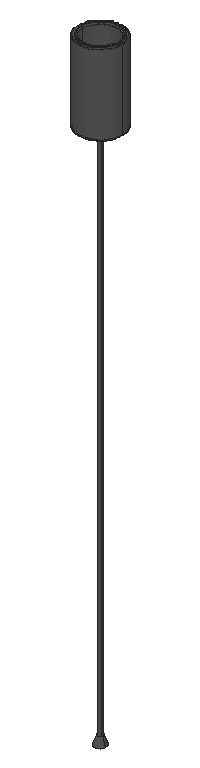
Revit family "CARLO CYLINDER LIGHT Pendant_ Surface", category Lighting Fixtures, host Face, Revit 2020 (continued)
Types (13): name | Wattage_Input | Wattage Comments | Wattage | built-in parameter 1150134 | Size 08 | Size 04 | Photometric Web File | built-in parameter 1150142 | Model | built-in parameter 1150105 | Lumens | built-in parameter 1150107 | built-in parameter 1150106 | Fixture Height | Fixture Diameter | BEAMING ANGLE | Apparent Load
    0.37074 0.40743 0.4511 0.49596 0.53455 \r\n 0.57593 0.62985 0.68677 0.73868 0.79079 0.84494 0.90321 0.96884 1.0402 1.1193 \r\n 1.1984 1.2661 1.3361 1.4202 1.5119 1.61 1.7105 1.8077 1.9071 2.0095 \r\n 2.1234 2.2657 2.4131 2.5397 2.6706 2.8272 2.9946 3.1669 3.3387 3.4955 \r\n 3.6594 3.8557 4.0598 4.2509 4.4428 4.6423 4.8501 5.0728 5.2995 5.5148 \r\n 5.7386 5.9894 6.2564 6.5332 6.8248 7.1349 7.4612 7.7906 8.1596 8.6193 \r\n 9.1138 9.5886 10.091 10.601 11.27 12.26 13.521 15.077 16.868 18.738 \r\n 21.001 23.428 27.488 34.706 44.68 57.885 73.227 89.838 107.52 125.82 \r\n 144.65 163.8 183.21 202.97 222.47 241.06 259.06 276.83 293.51 308.38 \r\n 321.43 331.99 341.38 350.83 359.93 368.59 377.19 386.18 395.21 404.01 \r\n 412.83 421.88 431 440.01 449.13 458.58 468.23 478.08 488.04 497.76 \r\n 508.04 519.8 532.28 545.2 558.13 570.41 582.35 594.03 605.51 616.97 \r\n 628.08 638.36 648.39 658.68 668.99 679.3 689.53 699.7 709.53 718.64 \r\n 727.43 736.33 744.99 753.23 760.96 768.06 774.55 780.34 785.57 790.19 \r\n 794.71 799.83 804.96 809.77 814.25 818.26 822 825.74 829.18 832.01 \r\n 834.62 837.46 840.13 842.32 844.29 846.3 848.05 849.2 850.05 850.8 \r\n 849.27 \r\n2.1273 850.91 850.34 849.69 848.77 847.41 845.6 843.21 840.42 837.36 \r\n 834.11 830.91 827.47 823.52 819.1 814.13 808.77 803.05 797.24 791.72 \r\n 786.17 780.48 774.52 768.03 761.36 754.91 748.28 741.26 733.79 725.6 \r\n 717.17 709.02 700.8 692.33 683.51 674.13 664.41 654.53 644.32 633.52 \r\n 622.51 611.71 600.76 589.5 577.81 565.34 552.68 540.31 528.29 516.79 \r\n 505.92 496.02 486.58 477.12 467.86 458.79 450.01 441.75 433.62 425.2 \r\n 416.77 408.53 400.34 392.16 384 375.93 367.69 359.07 349.94 340.65 \r\n 329.58 314.48 297.5 280.29 262.12 242.61 222.37 201.79 181.08 160.47 \r\n 140.24 120.68 101.98 84.227 68.01 53.815 42.084 33.699 27.818 24.27 \r\n 21.921 19.452 17.249 15.217 13.487 12.202 11.224 10.487 9.9119 9.4008 \r\n 8.9456 8.4998 8.0812 7.6913 7.3335 7.0186 6.7262 6.4353 6.1597 5.9092 \r\n 5.6749 5.4527 5.2383 5.025 4.8155 4.6096 4.4089 4.2161 4.0277 3.837 \r\n 3.6559 3.5011 3.3509 3.1816 3.0153 2.8708 2.7341 2.5982 2.4606 2.3122 \r\n 2.1669 2.0367 1.9179 1.8145 1.7162 1.6101 1.5076 1.4172 1.3339 1.2566 \r\n 1.1823 1.106 1.033 0.97159 0.91374 0.85218 0.7929 0.74084 0.69188 0.64274 \r\n 0.59583 0.55311 0.51266 0.4728 0.43482 0.40032 0.36671 0.33052 0.2961 0.26657 \r\n 0.24202 0.22598 0.21124 0.19047 0.16765 0.14364 0.12058 0.10172 0.084677 0.068477 \r\n 0.052164 0.032678 0.015353 0.005452 0.00013494 0 0 0 0 0 \r\n 0 0 0 0 0 0 0.00013914 0.005061 0.012078 0.019295 \r\n 0.028976 0.042554 0.060628 0.086633 0.11349 0.13357 0.15197 0.17164 0.19132 0.20938 \r\n 0.22996 0.25788 0.28942 0.32277 0.35703 0.38908 0.42381 0.4675 0.51282 0.55153 \r\n 0.59259 0.64503 0.70047 0.75206 0.80426 0.85851 0.91702 0.98346 1.0549 1.1313 \r\n 1.2081 1.2773 1.3491 1.4332 1.5238 1.6193 1.7187 1.8206 1.9252 2.0285 \r\n 2.1425 2.2858 2.4345 2.5637 2.6957 2.8475 3.0093 3.1797 3.351 3.5081 \r\n 3.6724 3.8684 4.0716 4.2604 4.4498 4.6471 4.8535 5.0771 5.3046 5.5181 \r\n 5.739 5.9857 6.2489 6.5245 6.8149 7.1207 7.4434 7.7728 8.1449 8.6109 \r\n 9.1152 9.6069 10.125 10.636 11.304 12.297 13.562 15.117 16.909 18.775 \r\n 21.055 23.542 27.715 35.162 45.354 58.656 73.982 90.371 107.8 125.98 \r\n 144.76 163.92 183.38 203.11 222.65 241.49 259.76 277.77 294.56 309.19 \r\n 321.94 332.39 341.73 351.17 360.27 368.85 377.37 386.35 395.38 404.08 \r\n 412.8 421.81 430.91 439.92 449.02 458.37 467.92 477.67 487.61 497.49 \r\n 507.94 519.77 532.26 545.07 557.89 570.26 582.32 593.99 605.43 616.88 \r\n 628 638.33 648.43 658.82 669.21 679.45 689.58 699.68 709.45 718.46 \r\n 727.18 736.05 744.67 752.72 760.3 767.46 774.05 779.79 785 789.8 \r\n 794.51 799.66 804.75 809.41 813.77 817.8 821.6 825.3 828.74 831.73 \r\n 834.51 837.3 839.92 842.22 844.29 846.26 847.96 849.27 850.25 850.93 \r\n 849.27 \r\n2.1273 850.97 850.49 849.83 848.84 847.41 845.56 843.22 840.53 837.58 \r\n 834.45 831.34 827.97 824.09 819.75 814.79 809.46 803.92 798.24 792.6 \r\n 786.92 781.27 775.39 768.85 762.11 755.57 748.94 742.16 734.92 726.61 \r\n 718.05 710.07 702.06 693.71 684.97 675.57 665.84 656.1 646.03 635.3 \r\n 624.29 613.39 602.34 591.1 579.49 567.16 554.62 542.23 530.09 518.37 \r\n 507.32 497.49 488.16 478.68 469.32 460.03 451.01 442.56 434.29 425.79 \r\n 417.36 409.3 401.29 393.1 384.89 376.89 368.76 360.25 351.27 342.23 \r\n 331.5 317.02 300.57 283.27 265 245.99 226.25 205.74 184.93 164.3 \r\n 143.85 123.59 104.11 85.864 69.304 54.919 43.025 34.332 28.161 24.48 \r\n 22.069 19.576 17.372 15.329 13.584 12.268 11.259 10.505 9.9223 9.4142 \r\n 8.963 8.5094 8.0822 7.6924 7.3355 7.0155 6.7176 6.4245 6.1475 5.8948 \r\n 5.6592 5.4386 5.2263 5.0137 4.804 4.596 4.3934 4.2014 4.0141 3.8233 \r\n 3.6408 3.4816 3.3278 3.161 2.9982 2.8547 2.7174 2.5783 2.4378 2.2903 \r\n 2.146 2.0124 1.8914 1.7923 1.6998 1.5978 1.4975 1.4057 1.3204 1.2436 \r\n 1.1706 1.0957 1.0234 0.9592 0.89827 0.83613 0.77726 0.72662 0.67838 0.62624 \r\n 0.57655 0.53566 0.4973 0.45605 0.41571 0.37852 0.3437 0.31152 0.2811 0.25011 \r\n 0.22312 0.20663 0.19245 0.17371 0.1529 0.12959 0.10574 0.08251 0.061881 0.047636 \r\n 0.035511 0.020951 0.0086189 0.0026712 0.000075 0 0 0 0 0 \r\n 0 0 0 0 0 0 0.00023442 0.0083781 0.020383 0.034845 \r\n 0.051506 0.069917 0.089253 0.1082 0.12778 0.14852 0.17062 0.19588 0.21987 0.2358 \r\n 0.25254 0.27809 0.30825 0.34253 0.3777 0.40787 0.44049 0.48392 0.52948 0.56846 \r\n 0.6093 0.65975 0.71321 0.76456 0.81702 0.87131 0.92985 0.99661 1.0677 1.1408 \r\n 1.2149 1.2858 1.3599 1.4436 1.5326 1.6253 1.7236 1.8303 1.9405 2.0454 \r\n 2.1598 2.3032 2.4524 2.5846 2.7178 2.864 3.0192 3.1868 3.3572 3.5151 \r\n 3.6803 3.875 4.0758 4.2618 4.4483 4.643 4.8477 5.0723 5.3006 5.512 \r\n 5.7293 5.9709 6.2292 6.5028 6.7913 7.0917 7.4099 7.7397 8.1148 8.5843 \r\n 9.0957 9.6029 10.135 10.649 11.314 12.306 13.568 15.118 16.906 18.765 \r\n 21.06 23.605 27.882 35.524 45.891 59.248 74.519 90.672 107.84 125.88 \r\n 144.59 163.75 183.23 202.91 222.48 241.59 260.2 278.52 295.47 309.86 \r\n 322.3 332.64 341.95 351.38 360.47 369 377.45 386.43 395.43 404.04 \r\n 412.65 421.62 430.71 439.72 448.81 458.04 467.46 477.11 487.02 497.05 \r\n 507.7 519.6 532.09 544.77 557.48 569.97 582.16 593.82 605.22 616.65 \r\n 627.77 638.19 648.4 658.9 669.35 679.54 689.57 699.57 709.24 718.16 \r\n 726.8 735.66 744.23 752.08 759.49 766.71 773.39 779.11 784.33 789.34 \r\n 794.25 799.43 804.47 808.97 813.18 817.25 821.12 824.81 828.27 831.44 \r\n 834.38 837.13 839.7 842.11 844.3 846.21 847.87 849.34 850.46 851.06 \r\n 849.27 \r\n2.1273 851.03 850.65 849.97 848.91 847.41 845.51 843.22 840.63 837.8 \r\n 834.79 831.77 828.46 824.64 820.33 815.41 810.14 804.77 799.23 793.48 \r\n 787.66 782.07 776.25 769.67 762.85 756.22 749.57 743.02 736 727.62 \r\n 718.97 711.14 703.31 695.05 686.35 676.95 667.22 657.61 647.69 637.03 \r\n 626.05 615.05 603.9 592.67 581.12 568.91 556.47 544.05 531.81 519.87 \r\n 508.63 498.84 489.57 480.06 470.6 461.11 451.87 443.23 434.82 426.24 \r\n 417.83 409.94 402.12 393.9 385.64 377.72 369.7 361.28 352.45 343.64 \r\n 333.27 319.43 303.52 286.15 267.75 249.16 229.87 209.39 188.49 167.85 \r\n 147.24 126.35 106.17 87.501 70.635 56.038 43.952 34.95 28.496 24.679 \r\n 22.204 19.687 17.481 15.434 13.68 12.334 11.294 10.526 9.9362 9.4302 \r\n 8.9818 8.5202 8.0847 7.6953 7.3394 7.0143 6.7107 6.4155 6.1373 5.8822 \r\n 5.6451 5.4263 5.2161 5.0038 4.7933 4.5835 4.3793 4.1879 4.0015 3.8106 \r\n 3.6268 3.4631 3.3056 3.1409 2.9814 2.8387 2.7009 2.5591 2.4162 2.2697 \r\n 2.1263 1.9897 1.8666 1.7713 1.6839 1.5855 1.4874 1.3941 1.3068 1.231 \r\n 1.1597 1.086 1.0142 0.94719 0.88324 0.82075 0.76248 0.71302 0.66526 0.61028 \r\n 0.55803 0.51893 0.48259 0.44008 0.39749 0.35752 0.32136 0.29308 0.26664 0.23448 \r\n 0.20526 0.18809 0.17414 0.15742 0.13864 0.11579 0.091044 0.063966 0.040278 0.027907 \r\n 0.019786 0.010313 0.0030265 0.00048065 0.000026 0 0 0 0 0 \r\n 0 0 0 0 0 0 0.00031737 0.011182 0.027625 0.049092 \r\n 0.072574 0.095492 0.11599 0.12859 0.14156 0.16273 0.18793 0.21795 0.24564 0.25984 \r\n 0.2733 0.29653 0.32517 0.36016 0.39606 0.42454 0.45522 0.49823 0.54384 0.58316 \r\n 0.62388 0.67225 0.72363 0.77482 0.82764 0.88194 0.94036 1.0071 1.0774 1.1473 \r\n 1.2187 1.2914 1.3677 1.4509 1.5382 1.6284 1.7257 1.8366 1.9518 2.0587 \r\n 2.1737 2.3165 2.4651 2.6 2.7346 2.8755 3.0243 3.1888 3.3577 3.5169 \r\n 3.6832 3.8759 4.0736 4.2565 4.4401 4.6324 4.8358 5.0614 5.2904 5.4995 \r\n 5.7131 5.9496 6.203 6.4743 6.7606 7.0557 7.3697 7.7008 8.0793 8.5512 \r\n 9.0676 9.5886 10.134 10.651 11.315 12.305 13.562 15.106 16.889 18.743 \r\n 21.055 23.663 28.04 35.846 46.355 59.745 74.956 90.901 107.84 125.73 \r\n 144.35 163.5 182.99 202.61 222.19 241.61 260.6 279.25 296.38 310.52 \r\n 322.64 332.89 342.17 351.59 360.68 369.16 377.57 386.53 395.5 404 \r\n 412.52 421.46 430.53 439.54 448.6 457.72 467.02 476.57 486.44 496.62 \r\n 507.43 519.41 531.91 544.47 557.09 569.68 581.99 593.64 605 616.4 \r\n 627.53 638.04 648.37 658.96 669.46 679.61 689.55 699.45 709.01 717.83 \r\n 726.4 735.24 743.76 751.42 758.65 765.89 772.65 778.38 783.65 788.87 \r\n 794 799.2 804.16 808.5 812.59 816.69 820.64 824.33 827.81 831.14 \r\n 834.23 836.97 839.5 842.02 844.32 846.17 847.77 849.41 850.66 851.19 \r\n 849.27 \r\n2.1273 851.09 850.8 850.1 848.98 847.4 845.45 843.21 840.71 837.99 \r\n 835.08 832.13 828.88 825.08 820.79 815.92 810.73 805.52 800.11 794.28 \r\n 788.36 782.81 777.04 770.42 763.53 756.81 750.13 743.76 736.93 728.55 \r\n 719.88 712.16 704.46 696.23 687.54 678.14 668.44 658.95 649.15 638.58 \r\n 627.64 616.56 605.32 594.09 582.58 570.46 558.09 545.62 533.28 521.14 \r\n 509.72 499.9 490.63 481.08 471.53 461.89 452.47 443.66 435.11 426.47 \r\n 418.08 410.37 402.71 394.45 386.15 378.3 370.38 362.03 353.32 344.74 \r\n 334.71 321.49 306.11 288.69 270.19 251.9 232.91 212.43 191.45 170.8 \r\n 150.08 128.71 108.01 89.028 71.914 57.082 44.766 35.487 28.791 24.849 \r\n 22.311 19.772 17.569 15.525 13.769 12.398 11.33 10.55 9.9562 9.4507 \r\n 9.0029 8.5341 8.0914 7.7023 7.3474 7.0175 6.7086 6.4116 6.1324 5.8749 \r\n 5.6363 5.4194 5.2115 4.9987 4.7868 4.5757 4.3705 4.1797 3.9939 3.8028 \r\n 3.6178 3.45 3.2893 3.1262 2.9692 2.8269 2.6886 2.5452 2.4008 2.2552 \r\n 2.1126 1.9738 1.849 1.7578 1.6725 1.5769 1.4803 1.3853 1.2964 1.2218 \r\n 1.1521 1.0795 1.008 0.93842 0.87191 0.80947 0.75199 0.70328 0.65562 0.59837 \r\n 0.54413 0.50651 0.47183 0.42826 0.38375 0.34137 0.30396 0.27882 0.25569 0.2228 \r\n 0.19194 0.17394 0.15988 0.14477 0.12763 0.105 0.079451 0.04963 0.023841 0.012896 \r\n 0.0079125 0.0029608 0.000000 0 0 0 0 0 0 0 \r\n 0 0 0 0 0 0 0.00037568 0.013071 0.032722 0.059765 \r\n 0.088725 0.11504 0.13641 0.1446 0.15285 0.17395 0.20097 0.2343 0.26466 0.27777 \r\n 0.28897 0.31016 0.33731 0.37278 0.40927 0.43649 0.46573 0.50827 0.5538 0.59345 \r\n 0.63414 0.68077 0.73041 0.78153 0.83469 0.88897 0.94719 1.0136 1.0831 1.1502 \r\n 1.2195 1.2937 1.3719 1.4546 1.5404 1.6289 1.7253 1.8389 1.9576 2.0667 \r\n 2.1828 2.324 2.4711 2.6078 2.7437 2.8807 3.0248 3.1861 3.3534 3.514 \r\n 3.6816 3.8718 4.0661 4.246 4.4271 4.6178 4.8205 5.0472 5.2768 5.484 \r\n 5.6943 5.9267 6.176 6.4453 6.7296 7.0206 7.332 7.6659 8.0488 8.5231 \r\n 9.0437 9.5756 10.132 10.654 11.321 12.311 13.568 15.106 16.887 18.742 \r\n 21.078 23.762 28.243 36.186 46.809 60.234 75.411 91.217 107.99 125.76 \r\n 144.28 163.4 182.88 202.43 222.05 241.79 261.17 280.14 297.43 311.31 \r\n 323.09 333.26 342.53 351.93 361 369.46 377.85 386.78 395.71 404.12 \r\n 412.54 421.45 430.5 439.5 448.53 457.57 466.77 476.23 486.07 496.34 \r\n 507.28 519.33 531.86 544.33 556.86 569.52 581.92 593.57 604.9 616.26 \r\n 627.38 637.99 648.45 659.09 669.6 679.73 689.62 699.4 708.84 717.57 \r\n 726.05 734.87 743.36 750.83 757.89 765.1 771.89 777.66 783.03 788.48 \r\n 793.8 799.01 803.88 808.09 812.06 816.2 820.21 823.91 827.42 830.87 \r\n 834.08 836.83 839.36 841.97 844.34 846.14 847.7 849.47 850.83 851.29 \r\n 849.27 \r\n2.1273 851.09 850.82 850.14 849.01 847.37 845.38 843.18 840.74 838.02 \r\n 835.09 832.1 828.78 824.85 820.51 815.82 810.85 805.73 800.34 794.51 \r\n 788.6 783.09 777.37 770.82 763.96 757.09 750.26 743.84 737.08 728.99 \r\n 720.59 712.81 704.93 696.51 687.69 678.38 668.82 659.34 649.56 639.09 \r\n 628.25 617.22 606.01 594.79 583.26 571.04 558.56 546.06 533.66 521.39 \r\n 509.75 499.57 489.98 480.35 470.83 461.24 451.86 442.99 434.38 425.78 \r\n 417.45 409.79 402.18 393.92 385.61 377.82 369.97 361.63 352.98 344.62 \r\n 334.87 321.89 306.77 289.73 271.45 252.83 233.42 212.85 191.84 171.06 \r\n 150.29 129.19 108.79 89.93 72.763 57.533 44.811 35.497 28.858 24.879 \r\n 22.305 19.773 17.589 15.567 13.828 12.453 11.376 10.598 10.007 9.4948 \r\n 9.0399 8.5701 8.1275 7.7364 7.379 7.0472 6.737 6.4396 6.1602 5.9013 \r\n 5.662 5.4479 5.2423 5.0262 4.8111 4.6016 4.399 4.2089 4.0228 3.8295 \r\n 3.6426 3.4759 3.3163 3.1525 2.9939 2.8489 2.7094 2.5699 2.4298 2.2846 \r\n 2.1415 2.0038 1.8792 1.7835 1.6956 1.5963 1.4966 1.3996 1.3097 1.2361 \r\n 1.1673 1.094 1.0216 0.95198 0.88598 0.82535 0.76927 0.7192 0.67006 0.61379 \r\n 0.56078 0.52296 0.48766 0.44346 0.39849 0.35649 0.31916 0.2921 0.26732 0.23563 \r\n 0.20625 0.1879 0.17281 0.15626 0.13784 0.11459 0.08941 0.062391 0.038934 0.026306 \r\n 0.01901 0.014546 0.011186 0.0051584 0.000097 0 0 0 0 0 \r\n 0 0 0 0 0 0 0.00030422 0.010481 0.026494 0.048895 \r\n 0.073488 0.096394 0.1172 0.13256 0.14742 0.16549 0.18713 0.2173 0.24599 0.2607 \r\n 0.27396 0.29477 0.32117 0.35673 0.39379 0.42239 0.45296 0.49581 0.5413 0.58079 \r\n 0.62161 0.66959 0.72053 0.77167 0.82454 0.87888 0.93725 1.0037 1.0734 1.1418 \r\n 1.2121 1.286 1.3637 1.4468 1.5337 1.6243 1.7214 1.83 1.9437 2.0546 \r\n 2.1727 2.3098 2.4519 2.5854 2.7207 2.8641 3.0146 3.1752 3.3405 3.5024 \r\n 3.6711 3.8592 4.0509 4.2291 4.41 4.6046 4.8117 5.0401 5.2705 5.4772 \r\n 5.6877 5.9239 6.1773 6.4469 6.7323 7.0288 7.3482 7.6926 8.0872 8.5738 \r\n 9.1046 9.6378 10.198 10.738 11.431 12.455 13.746 15.307 17.117 19.01 \r\n 21.423 24.286 28.964 37.036 47.801 61.455 76.885 92.965 109.93 127.69 \r\n 146.1 165.04 184.37 203.97 223.75 243.8 263.47 282.58 299.82 313.29 \r\n 324.64 334.74 344.04 353.39 362.43 370.97 379.41 388.28 397.11 405.46 \r\n 413.83 422.72 431.75 440.62 449.57 458.72 468.06 477.56 487.36 497.44 \r\n 508.22 520.37 533.04 545.56 558.08 570.57 582.83 594.54 605.94 617.21 \r\n 628.23 638.91 649.4 659.84 670.16 680.38 690.4 700.14 709.48 718.08 \r\n 726.46 735.26 743.73 751.12 758.04 764.91 771.45 777.44 783.13 788.7 \r\n 794.06 799.21 804.02 808.19 812.14 816.27 820.27 823.95 827.43 830.78 \r\n 833.94 836.84 839.53 842.09 844.38 846.2 847.8 849.5 850.8 851.25 \r\n 849.27 \r\n2.1273 851.09 850.82 850.15 849.03 847.34 845.3 843.13 840.73 837.99 \r\n 835.02 831.97 828.56 824.49 820.08 815.6 810.87 805.8 800.43 794.65 \r\n 788.78 783.28 777.57 771.11 764.31 757.32 750.34 743.81 737.06 729.31 \r\n 721.23 713.35 705.24 696.59 687.62 678.39 668.97 659.48 649.69 639.31 \r\n 628.58 617.63 606.46 595.25 583.68 571.34 558.73 546.18 533.74 521.35 \r\n 509.52 498.93 488.97 479.26 469.78 460.28 450.99 442.1 433.46 424.91 \r\n 416.64 409.01 401.4 393.14 384.84 377.09 369.3 360.94 352.32 344.14 \r\n 334.62 321.83 306.93 290.3 272.26 253.18 233.21 212.54 191.53 170.62 \r\n 149.84 129.18 109.26 90.624 73.473 57.854 44.725 35.413 28.869 24.869 \r\n 22.267 19.746 17.586 15.591 13.875 12.501 11.42 10.649 10.062 9.5421 \r\n 9.0779 8.6077 8.1662 7.7727 7.4128 7.0799 6.7692 6.4717 6.1923 5.9324 \r\n 5.6927 5.4814 5.2776 5.0578 4.839 4.6318 4.4323 4.2428 4.0561 3.8606 \r\n 3.6718 3.5069 3.3493 3.1841 3.0232 2.8753 2.7345 2.5996 2.4647 2.3197 \r\n 2.176 2.0403 1.9166 1.8168 1.7235 1.6197 1.5163 1.4173 1.3267 1.2543 \r\n 1.1863 1.1121 1.0386 0.96945 0.90458 0.84608 0.79149 0.73964 0.6887 0.63403 \r\n 0.58287 0.54446 0.50808 0.46349 0.41851 0.37751 0.34055 0.31067 0.28335 0.25323 \r\n 0.22588 0.20714 0.19076 0.17227 0.15211 0.12812 0.10353 0.080404 0.060168 0.045387 \r\n 0.034756 0.029613 0.024598 0.011785 0.00021531 0 0 0 0 0 \r\n 0 0 0 0 0 0 0.00021222 0.0071598 0.018472 0.034786 \r\n 0.0536 0.071959 0.091861 0.11612 0.13933 0.15405 0.16929 0.19495 0.22101 0.23791 \r\n 0.25419 0.27508 0.30094 0.33639 0.37385 0.40429 0.43668 0.47985 0.5252 0.56446 \r\n 0.60547 0.65525 0.70797 0.75923 0.81178 0.86615 0.9246 0.99096 1.061 1.1313 \r\n 1.2033 1.2764 1.3532 1.4368 1.5249 1.6184 1.7165 1.8186 1.9259 2.0385 \r\n 2.1585 2.2912 2.4279 2.5575 2.6922 2.8432 3.0016 3.1
